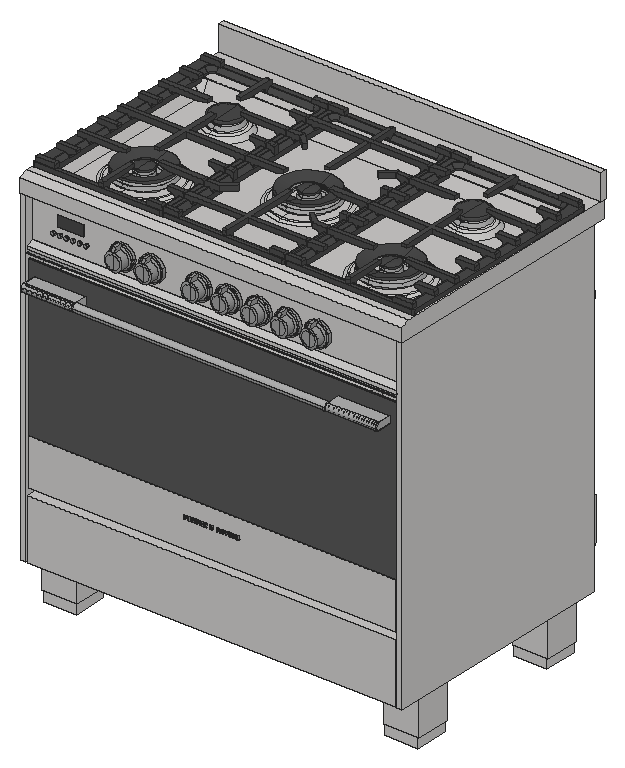
Revit family "FP_Revit_18_OR90SCG1X1_Range_90001025A", category Specialty Equipment, Revit 2018 (continued)
Definition of nested family "F&P Burner Dual Wok"
  Forms (mm)
    Extrusion 3, void
      sketch origin (0, 0, 0) x (1, 0, 0) y (0, 1, 0)
        loop
          arc (12.297, -17.269) -> (0, -21.2) -> (-12.297, -17.269) r 21.2
          line (-12.297, -17.269) -> (-20.415, -31.33)
        loop
          line (31.085, 20.785) -> (18.844, 18.406)
          arc (18.844, 18.406) -> (17.093, 17.364) -> (16.404, 15.447) r 3.015
          line (16.404, 15.447) -> (16.404, 13.429)
          arc (16.404, 13.429) -> (20.975, 3.077) -> (19.571, -8.151) r 21.2
          line (19.571, -8.151) -> (28.703, -23.968)
          arc (28.703, -23.968) -> (37.341, -1.988) -> (31.085, 20.785) r 37.394
      from 19.121 to 23.2
    Revolve 4, solid, material <- "Material - Burners & Trivets", detail levels coarse+medium
      sketch origin (0, 0, 0) x (0, 1, 0) y (0, 0, 1)
        loop
          line (-67.134, 45.199) -> (-67.134, 23.2) -> (-36.35, 23.2) -> (-36.35, 36.951) -> (-67.134, 45.199)
        loop
          line (-21.2, 42.433) -> (-21.2, 23.2) -> (0, 23.2) -> (0, 42.433) -> (-21.2, 42.433)
        axis (0, 45.199) -> (0, 23.2)
      angle from 0 to 360
  Cuts and joins
    Extrusion 3 cuts Revolve 2
    Extrusion 3 cuts Revolve 1
  Dimensions and locks
    aligned and locked: level to plane 2
Definition of nested family "F&P Burner Semi Rapid"
  Parameters (values of type "F&P Burner Semi Rapid")
    URL = "www.fisherpaykel.com"
    Material - Burners & Trivets = none
    Material - Body = none
    Manufacturer = "Fisher & Paykel Appliances"
  Reference planes
    plane 1 "Center (Front/Back)": y = 0
    plane 2: z = 0
    plane 3 "Center (Left/Right)": x = 0
  Forms (mm)
    Revolve 1, solid, material <- "Material - Burners & Trivets", detail levels fine
      sketch origin (0, 0, 0) x (0, 1, 0) y (0, 0, 1)
        loop
          line (0, 18.4) -> (0, 21.9) -> (-34.1, 21.9)
          arc (-34.1, 21.9) -> (-36.575, 20.875) -> (-37.6, 18.4) r 3.5
          line (-37.6, 18.4) -> (0, 18.4)
        axis (0, 21.9) -> (0, 18.4)
      angle from 0 to 360
    Revolve 2, solid, material <- "Material - Body", detail levels fine
      sketch origin (0, 0, 0) x (0, 1, 0) y (0, 0, 1)
        loop
          line (0, 18.4) -> (-31, 18.4) -> (-33.046, 11.4) -> (-35, 11.4) -> (-38, 3) -> (0, 3) -> (0, 18.4)
        axis (0, 18.4) -> (0, 3)
      angle from 0 to 360
    Extrusion 3, solid, material <- "Material - Burners & Trivets", detail levels coarse+medium
      sketch origin (0, 0, 0) x (1, 0, 0) y (0, 1, 0)
        loop
          circle (0, 0) r 38
      from 0 to 22
  Dimensions and locks
    aligned and locked: level to plane 2
Definition of nested family "F&P Dial Range Classic"
  Parameters (values of type "F&P Dial Range Classic")
    URL = "www.fisherpaykel.com"
    Material - Buttons and Dials = none
    Manufacturer = "Fisher & Paykel Appliances"
  Reference planes
    plane 1 "Center (Front/Back)": y = 0
    plane 2: z = 0
    plane 3 "Center (Left/Right)": x = 0
  Forms (mm)
    Revolve 1, solid, material <- "Material - Buttons and Dials", detail levels medium+fine
      sketch origin (0, 0, 0) x (0, 1, 0) y (0, 0, 1)
        loop
          line (0, 0) -> (0, 29) -> (-6.292, 29) -> (-8.369, 26.525) -> (-2, 26.525) -> (-2, 25.14) -> (-7.39, 25.14) -> (-11.758, 20.772) -> (-29.187, 20.772) -> (-30.7, 16.28) -> (-30.7, 0) -> (0, 0)
        axis (0, 0) -> (-30.7, 0)
      angle from 0 to 360
    Extrusion 2, solid, material <- "Material - Buttons and Dials", detail levels fine
      sketch origin (0, 0, 0) x (0, 1, 0) y (0, 0, 1)
        loop
          line (-12.311, 20.772) -> (-12.311, 23.129) -> (-9.811, 25.629) -> (-9.811, 31.1) -> (-25.903, 31.1) -> (-29.187, 20.772) -> (-12.311, 20.772)
      from -3.05 to 3.05
    Revolve 3, solid, material <- "Material - Buttons and Dials", detail levels coarse
      sketch origin (0, 0, 0) x (0, 1, 0) y (0, 0, 1)
        loop
          line (-30.7, 0) -> (0, 0) -> (0, 29) -> (-8.369, 29) -> (-8.369, 20.772) -> (-30.7, 20.772) -> (-30.7, 0)
        axis (0, 0) -> (-30.7, 0)
      angle from 0 to 360
    Revolve 4, solid, material <- "Material - Buttons and Dials", detail levels fine
      sketch origin (0, 0, 0) x (0, 1, 0) y (0, 0, 1)
        loop
          line (-2, 26.525) -> (-7.39, 26.525) -> (-7.39, 25.14) -> (-2, 25.14) -> (-2, 26.525)
        axis (-2, 0) -> (-7.39, 0)
      angle from 0 to 360
  Dimensions and locks
    aligned and locked: level to plane 2
Definition of nested family "F&P Trivet Range Classic 90"
  Parameters (values of type "F&P Trivet Range Classic 90")
    URL = "www.fisherpaykel.com"
    Material - Burners & Trivets = none
    Manufacturer = "Fisher & Paykel Appliances"
  Reference planes
    plane 1 "Center (Front/Back)": y = 0
    plane 2: z = 0
    plane 3 "Center (Left/Right)": x = 0
  Forms (mm)
    Extrusion 1, solid, material <- "Material - Burners & Trivets", detail levels medium+fine
      sketch origin (0, 0, 0) x (1, 0, 0) y (0, 1, 0)
        loop
          arc (-298.9, 251.75) -> (-301.728, 250.578) -> (-302.9, 247.75) r 4
          line (-302.9, 247.75) -> (-302.9, -247.75)
          arc (-302.9, -247.75) -> (-301.728, -250.578) -> (-298.9, -251.75) r 4
          line (-298.9, -251.75) -> (-4.9, -251.75)
          arc (-4.9, -251.75) -> (-2.072, -250.578) -> (-0.9, -247.75) r 4
          line (-0.9, -247.75) -> (-0.9, 247.75)
          arc (-0.9, 247.75) -> (-2.072, 250.578) -> (-4.9, 251.75) r 4
          line (-4.9, 251.75) -> (-298.9, 251.75)
        loop
          arc (-31.7, -241.25) -> (-17.558, -235.392) -> (-11.7, -221.25) r 20
          line (-11.7, -221.25) -> (-11.7, 221.25)
          arc (-11.7, 221.25) -> (-17.558, 235.392) -> (-31.7, 241.25) r 20
          line (-31.7, 241.25) -> (-259.31, 241.25)
          arc (-259.31, 241.25) -> (-273.452, 235.392) -> (-279.31, 221.25) r 20
          line (-279.31, 221.25) -> (-279.31, -221.25)
          arc (-279.31, -221.25) -> (-273.452, -235.392) -> (-259.31, -241.25) r 20
          line (-259.31, -241.25) -> (-31.7, -241.25)
      from 9.493 to 19
    Sweep 2, solid, material <- "Material - Burners & Trivets", detail levels medium+fine
      path in 3D
        loop
          arc (-279.31, 221.25, 19) -> (-273.452, 235.392, 19) -> (-259.31, 241.25, 19) r 20
          line (-259.31, 241.25, 19) -> (-31.7, 241.25, 19)
          arc (-31.7, 241.25, 19) -> (-17.558, 235.392, 19) -> (-11.7, 221.25, 19) r 20
          line (-11.7, 221.25, 19) -> (-11.7, -221.25, 19)
          arc (-11.7, -221.25, 19) -> (-17.558, -235.392, 19) -> (-31.7, -241.25, 19) r 20
          line (-31.7, -241.25, 19) -> (-259.31, -241.25, 19)
          arc (-259.31, -241.25, 19) -> (-273.452, -235.392, 19) -> (-279.31, -221.25, 19) r 20
          line (-279.31, -221.25, 19) -> (-279.31, 221.25, 19)
      profile origin (-279.31, 0, 19) x (-1, 0, 0) y (0, 0, 1)
        loop
          line (0, 0) -> (-10.55, -9.507) -> (-10.55, -19) -> (0, -19) -> (0, 0)
    Extrusion 3, solid, material <- "Material - Burners & Trivets", detail levels medium+fine
      sketch origin (0, 0, 0) x (1, 0, 0) y (0, 0, 1)
        loop
          line (-298.89, 19) -> (-279.31, 19) -> (-268.76, 9.493) -> (-268.76, 13.504)
          arc (-268.76, 13.504) -> (-267.798, 16.453) -> (-265.283, 18.267) r 5
          line (-265.283, 18.267) -> (-252.67, 22.3) -> (-252.67, 27.3)
          arc (-252.67, 27.3) -> (-253.549, 29.421) -> (-255.67, 30.3) r 3
          line (-255.67, 30.3) -> (-295.89, 30.3)
          arc (-295.89, 30.3) -> (-298.011, 29.421) -> (-298.89, 27.3) r 3
          line (-298.89, 27.3) -> (-298.89, 19)
        loop
          line (-0.9, 19) -> (-0.9, 27.3)
          arc (-0.9, 27.3) -> (-1.779, 29.421) -> (-3.9, 30.3) r 3
          line (-3.9, 30.3) -> (-38.33, 30.3) -> (-38.33, 22.298) -> (-25.717, 18.266)
          arc (-25.717, 18.266) -> (-23.202, 16.451) -> (-22.24, 13.503) r 5
          line (-22.24, 13.503) -> (-22.24, 9.507) -> (-11.705, 19) -> (-0.9, 19)
      from 174.48 to 185.18
    Extrusion 4, solid, material <- "Material - Burners & Trivets", detail levels medium+fine
      sketch origin (0, 0, 0) x (1, 0, 0) y (0, 0, 1)
        loop
          line (-252.67, 19) -> (-252.67, 27.3)
          arc (-252.67, 27.3) -> (-253.549, 29.421) -> (-255.67, 30.3) r 3
          line (-255.67, 30.3) -> (-295.89, 30.3)
          arc (-295.89, 30.3) -> (-298.011, 29.421) -> (-298.89, 27.3) r 3
          line (-298.89, 27.3) -> (-298.89, 19) -> (-252.67, 19)
        loop
          line (-0.9, 19) -> (-0.9, 27.3)
          arc (-0.9, 27.3) -> (-1.779, 29.421) -> (-3.9, 30.3) r 3
          line (-3.9, 30.3) -> (-35.33, 30.3)
          arc (-35.33, 30.3) -> (-37.451, 29.421) -> (-38.33, 27.3) r 3
          line (-38.33, 27.3) -> (-38.33, 19) -> (-0.9, 19)
      from 238.25 to 248.23
    Extrusion 5, solid, material <- "Material - Burners & Trivets", detail levels medium+fine
      sketch origin (0, 0, 0) x (1, 0, 0) y (0, 0, 1)
        loop
          line (-298.89, 19) -> (-279.31, 19) -> (-268.76, 9.493) -> (-268.76, 13.3)
          arc (-268.76, 13.3) -> (-267.296, 16.836) -> (-263.76, 18.3) r 5
          line (-263.76, 18.3) -> (-208.4, 18.3) -> (-183.4, 23.8) -> (-183.4, 30.3) -> (-295.89, 30.3)
          arc (-295.89, 30.3) -> (-298.011, 29.421) -> (-298.89, 27.3) r 3
          line (-298.89, 27.3) -> (-298.89, 19)
        loop
          line (-0.9, 19) -> (-0.9, 27.3)
          arc (-0.9, 27.3) -> (-1.779, 29.421) -> (-3.9, 30.3) r 3
          line (-3.9, 30.3) -> (-107.6, 30.3) -> (-107.6, 23.8) -> (-82.6, 18.3) -> (-27.24, 18.3)
          arc (-27.24, 18.3) -> (-23.704, 16.836) -> (-22.24, 13.3) r 5
          line (-22.24, 13.3) -> (-22.24, 9.507) -> (-11.705, 19) -> (-0.9, 19)
      from 114.52 to 125.22
    Extrusion 6, solid, material <- "Material - Burners & Trivets", detail levels medium+fine
      sketch origin (0, 0, 0) x (0, 1, 0) y (0, 0, 1)
        loop
          line (-230.721, 9.512) -> (-230.721, 14)
          arc (-230.721, 14) -> (-229.257, 17.536) -> (-225.721, 19) r 5
          line (-225.721, 19) -> (-179.278, 19) -> (-157.46, 23.8) -> (-157.46, 30.3) -> (-243.58, 30.3)
          arc (-243.58, 30.3) -> (-245.701, 29.421) -> (-246.58, 27.3) r 3
          line (-246.58, 27.3) -> (-246.58, 19) -> (-241.25, 19) -> (-230.721, 9.512)
        loop
          line (-5.82, 18.3) -> (-5.82, 30.3) -> (-82.12, 30.3) -> (-82.12, 23.8) -> (-57.12, 18.3) -> (-5.82, 18.3)
        loop
          line (230.721, 9.514) -> (241.248, 19) -> (246.58, 19) -> (246.58, 27.3)
          arc (246.58, 27.3) -> (245.701, 29.421) -> (243.58, 30.3) r 3
          line (243.58, 30.3) -> (157.46, 30.3) -> (157.46, 23.8) -> (182.46, 18.3) -> (225.721, 18.3)
          arc (225.721, 18.3) -> (229.257, 16.836) -> (230.721, 13.3) r 5
          line (230.721, 13.3) -> (230.721, 9.514)
        loop
          line (5.82, 18.3) -> (57.12, 18.3) -> (82.12, 23.8) -> (82.12, 30.3) -> (5.82, 30.3) -> (5.82, 18.3)
      from -150.604 to -140.396
    Extrusion 7, solid, material <- "Material - Burners & Trivets", detail levels medium+fine
      sketch origin (0, 0, 0) x (1, 0, 0) y (0, 0, 1)
        loop
          line (-298.89, 19) -> (-279.31, 19) -> (-268.76, 9.493) -> (-268.76, 13.3)
          arc (-268.76, 13.3) -> (-267.296, 16.836) -> (-263.76, 18.3) r 5
          line (-263.76, 18.3) -> (-27.24, 18.3)
          arc (-27.24, 18.3) -> (-23.704, 16.836) -> (-22.24, 13.3) r 5
          line (-22.24, 13.3) -> (-22.24, 9.507) -> (-11.705, 19) -> (-0.9, 19) -> (-0.9, 27.3)
          arc (-0.9, 27.3) -> (-1.779, 29.421) -> (-3.9, 30.3) r 3
          line (-3.9, 30.3) -> (-295.89, 30.3)
          arc (-295.89, 30.3) -> (-298.011, 29.421) -> (-298.89, 27.3) r 3
          line (-298.89, 27.3) -> (-298.89, 19)
      from -5.82 to 5.82
    Extrusion 8, solid, material <- "Material - Burners & Trivets", detail levels coarse
      sketch origin (0, 0, 0) x (1, 0, 0) y (0, 1, 0)
        loop
          line (-302.9, 251.75) -> (-302.9, -251.75) -> (-0.9, -251.75) -> (-0.9, 251.75) -> (-302.9, 251.75)
        loop
          line (-268.76, 230.7) -> (-268.76, -230.7) -> (-22.25, -230.7) -> (-22.25, 230.7) -> (-268.76, 230.7)
      from 9.493 to 19
    Extrusion 9, solid, detail levels coarse
      sketch origin (0, 0, 0) x (1, 0, 0) y (0, 1, 0)
        loop
          line (-150.604, 246.58) -> (-150.604, 125.22) -> (-298.89, 125.22) -> (-298.89, 114.52) -> (-150.604, 114.52) -> (-150.604, 5.82) -> (-298.89, 5.82) -> (-298.89, -5.82) -> (-150.604, -5.82) -> (-150.604, -114.52) -> (-298.89, -114.52) -> (-298.89, -125.22) -> (-150.604, -125.22) -> (-150.604, -246.58) -> (-140.396, -246.58) -> (-140.396, -125.22) -> (-0.9, -125.22) -> (-0.9, -114.52) -> (-140.396, -114.52) -> (-140.396, -5.82) -> (-0.9, -5.82) -> (-0.9, 5.82) -> (-140.396, 5.82) -> (-140.396, 114.52) -> (-0.9, 114.52) -> (-0.9, 125.22) -> (-140.396, 125.22) -> (-140.396, 246.58) -> (-150.604, 246.58)
      from 19 to 30.3
    Extrusion 10, solid, material <- "Material - Burners & Trivets", detail levels medium+fine
      sketch origin (0, -239.74, 0) x (1, 0, 0) y (0, 0, -1)
        loop
          line (-298.89, -19) -> (-298.89, -27.3)
          arc (-298.89, -27.3) -> (-298.011, -29.421) -> (-295.89, -30.3) r 3
          line (-295.89, -30.3) -> (-255.67, -30.3)
          arc (-255.67, -30.3) -> (-253.549, -29.421) -> (-252.67, -27.3) r 3
          line (-252.67, -27.3) -> (-252.67, -22.3) -> (-265.283, -18.267)
          arc (-265.283, -18.267) -> (-267.798, -16.453) -> (-268.76, -13.504) r 5
          line (-268.76, -13.504) -> (-268.76, -9.493) -> (-279.31, -19) -> (-298.89, -19)
        loop
          line (-0.9, -19) -> (-11.705, -19) -> (-22.24, -9.507) -> (-22.24, -13.503)
          arc (-22.24, -13.503) -> (-23.202, -16.451) -> (-25.717, -18.266) r 5
          line (-25.717, -18.266) -> (-38.33, -22.298) -> (-38.33, -30.3) -> (-3.9, -30.3)
          arc (-3.9, -30.3) -> (-1.779, -29.421) -> (-0.9, -27.3) r 3
          line (-0.9, -27.3) -> (-0.9, -19)
      from 174.48 to 185.18
    Extrusion 11, solid, material <- "Material - Burners & Trivets", detail levels medium+fine
      sketch origin (0, 239.74, 0) x (1, 0, 0) y (0, 0, 1)
        loop
          line (-298.89, 19) -> (-279.31, 19) -> (-268.76, 9.493) -> (-268.76, 13.504)
          arc (-268.76, 13.504) -> (-267.798, 16.453) -> (-265.283, 18.267) r 5
          line (-265.283, 18.267) -> (-252.67, 22.3) -> (-252.67, 27.3)
          arc (-252.67, 27.3) -> (-253.549, 29.421) -> (-255.67, 30.3) r 3
          line (-255.67, 30.3) -> (-295.89, 30.3)
          arc (-295.89, 30.3) -> (-298.011, 29.421) -> (-298.89, 27.3) r 3
          line (-298.89, 27.3) -> (-298.89, 19)
        loop
          line (-0.9, 19) -> (-0.9, 27.3)
          arc (-0.9, 27.3) -> (-1.779, 29.421) -> (-3.9, 30.3) r 3
          line (-3.9, 30.3) -> (-38.33, 30.3) -> (-38.33, 22.298) -> (-25.717, 18.266)
          arc (-25.717, 18.266) -> (-23.202, 16.451) -> (-22.24, 13.503) r 5
          line (-22.24, 13.503) -> (-22.24, 9.507) -> (-11.705, 19) -> (-0.9, 19)
      from 174.48 to 185.18
    Extrusion 12, solid, material <- "Material - Burners & Trivets", detail levels medium+fine
      sketch origin (0, 0, 0) x (1, 0, 0) y (0, 0, -1)
        loop
          line (-298.89, -19) -> (-298.89, -27.3)
          arc (-298.89, -27.3) -> (-298.011, -29.421) -> (-295.89, -30.3) r 3
          line (-295.89, -30.3) -> (-255.67, -30.3)
          arc (-255.67, -30.3) -> (-253.549, -29.421) -> (-252.67, -27.3) r 3
          line (-252.67, -27.3) -> (-252.67, -22.3) -> (-265.283, -18.267)
          arc (-265.283, -18.267) -> (-267.798, -16.453) -> (-268.76, -13.504) r 5
          line (-268.76, -13.504) -> (-268.76, -9.493) -> (-279.31, -19) -> (-298.89, -19)
        loop
          line (-0.9, -19) -> (-11.705, -19) -> (-22.24, -9.507) -> (-22.24, -13.503)
          arc (-22.24, -13.503) -> (-23.202, -16.451) -> (-25.717, -18.266) r 5
          line (-25.717, -18.266) -> (-38.33, -22.298) -> (-38.33, -30.3) -> (-3.9, -30.3)
          arc (-3.9, -30.3) -> (-1.779, -29.421) -> (-0.9, -27.3) r 3
          line (-0.9, -27.3) -> (-0.9, -19)
      from 174.48 to 185.18
    Extrusion 13, solid, material <- "Material - Burners & Trivets", detail levels medium+fine
      sketch origin (0, 0, 0) x (1, 0, 0) y (0, 0, -1)
        loop
          line (-298.89, -19) -> (-298.89, -27.3)
          arc (-298.89, -27.3) -> (-298.011, -29.421) -> (-295.89, -30.3) r 3
          line (-295.89, -30.3) -> (-183.4, -30.3) -> (-183.4, -23.8) -> (-208.4, -18.3) -> (-263.76, -18.3)
          arc (-263.76, -18.3) -> (-267.296, -16.836) -> (-268.76, -13.3) r 5
          line (-268.76, -13.3) -> (-268.76, -9.493) -> (-279.31, -19) -> (-298.89, -19)
        loop
          line (-0.9, -19) -> (-11.705, -19) -> (-22.24, -9.507) -> (-22.24, -13.3)
          arc (-22.24, -13.3) -> (-23.704, -16.836) -> (-27.24, -18.3) r 5
          line (-27.24, -18.3) -> (-82.6, -18.3) -> (-107.6, -23.8) -> (-107.6, -30.3) -> (-3.9, -30.3)
          arc (-3.9, -30.3) -> (-1.779, -29.421) -> (-0.9, -27.3) r 3
          line (-0.9, -27.3) -> (-0.9, -19)
      from 114.52 to 125.22
    Extrusion 14, solid, material <- "Material - Burners & Trivets", detail levels medium+fine
      sketch origin (0, 0, 0) x (1, 0, 0) y (0, 0, -1)
        loop
          line (-252.67, -19) -> (-298.89, -19) -> (-298.89, -27.3)
          arc (-298.89, -27.3) -> (-298.011, -29.421) -> (-295.89, -30.3) r 3
          line (-295.89, -30.3) -> (-255.67, -30.3)
          arc (-255.67, -30.3) -> (-253.549, -29.421) -> (-252.67, -27.3) r 3
          line (-252.67, -27.3) -> (-252.67, -19)
        loop
          line (-0.9, -19) -> (-38.33, -19) -> (-38.33, -27.3)
          arc (-38.33, -27.3) -> (-37.451, -29.421) -> (-35.33, -30.3) r 3
          line (-35.33, -30.3) -> (-3.9, -30.3)
          arc (-3.9, -30.3) -> (-1.779, -29.421) -> (-0.9, -27.3) r 3
          line (-0.9, -27.3) -> (-0.9, -19)
      from 238.25 to 248.23
  Cuts and joins
    joined: Extrusion 6, Extrusion 7
  Lines and regions (mm)
    sketch lines
      curve 1: line (-279.31, -221.25, 19) -> (-279.31, 221.25, 19)
      curve 2: arc (-279.31, -221.25, 19) -> (-273.452, -235.392, 19) -> (-259.31, -241.25, 19) r 20
      curve 3: line (-31.7, -241.25, 19) -> (-259.31, -241.25, 19)
      curve 4: line (-11.7, 221.25, 19) -> (-11.7, -221.25, 19)
      curve 5: arc (-31.7, -241.25, 19) -> (-17.558, -235.392, 19) -> (-11.7, -221.25, 19) r 20
      curve 6: arc (-11.7, 221.25, 19) -> (-17.558, 235.392, 19) -> (-31.7, 241.25, 19) r 20
      curve 7: line (-259.31, 241.25, 19) -> (-31.7, 241.25, 19)
      curve 8: arc (-259.31, 241.25, 19) -> (-273.452, 235.392, 19) -> (-279.31, 221.25, 19) r 20
  Dimensions and locks
    aligned and locked: level to plane 2
Definition of nested family "F&P Trivet Range Classic Centre 90"
  Parameters (values of type "F&P Trivet Range Classic Centre 90")
    URL = "www.fisherpaykel.com"
    Material - Burners & Trivets = none
    Manufacturer = "Fisher & Paykel Appliances"
  Reference planes
    plane 1 "Center (Front/Back)": y = 0
    plane 2: z = 0
    plane 3 "Center (Left/Right)": x = 0
  Forms (mm)
    Extrusion 1, solid, material <- "Material - Burners & Trivets", detail levels medium+fine
      sketch origin (0, 0, 0) x (1, 0, 0) y (0, 1, 0)
        loop
          arc (-139, 251.75) -> (-141.828, 250.578) -> (-143, 247.75) r 4
          line (-143, 247.75) -> (-143, -247.75)
          arc (-143, -247.75) -> (-141.828, -250.578) -> (-139, -251.75) r 4
          line (-139, -251.75) -> (139, -251.75)
          arc (139, -251.75) -> (141.828, -250.578) -> (143, -247.75) r 4
          line (143, -247.75) -> (143, 247.75)
          arc (143, 247.75) -> (141.828, 250.578) -> (139, 251.75) r 4
          line (139, 251.75) -> (-139, 251.75)
        loop
          arc (115.32, -241.25) -> (129.462, -235.392) -> (135.32, -221.25) r 20
          line (135.32, -221.25) -> (135.32, 221.25)
          arc (135.32, 221.25) -> (129.462, 235.392) -> (115.32, 241.25) r 20
          line (115.32, 241.25) -> (-115.23, 241.25)
          arc (-115.23, 241.25) -> (-129.372, 235.392) -> (-135.23, 221.25) r 20
          line (-135.23, 221.25) -> (-135.23, -221.25)
          arc (-135.23, -221.25) -> (-129.372, -235.392) -> (-115.23, -241.25) r 20
          line (-115.23, -241.25) -> (115.32, -241.25)
      from 9.493 to 19
    Sweep 2, solid, material <- "Material - Burners & Trivets", detail levels medium+fine
      path in 3D
        loop
          arc (-135.23, 221.25, 19) -> (-129.372, 235.392, 19) -> (-115.23, 241.25, 19) r 20
          line (-115.23, 241.25, 19) -> (115.32, 241.25, 19)
          arc (115.32, 241.25, 19) -> (129.462, 235.392, 19) -> (135.32, 221.25, 19) r 20
          line (135.32, 221.25, 19) -> (135.32, -221.25, 19)
          arc (135.32, -221.25, 19) -> (129.462, -235.392, 19) -> (115.32, -241.25, 19) r 20
          line (115.32, -241.25, 19) -> (-115.23, -241.25, 19)
          arc (-115.23, -241.25, 19) -> (-129.372, -235.392, 19) -> (-135.23, -221.25, 19) r 20
          line (-135.23, -221.25, 19) -> (-135.23, 221.25, 19)
      profile origin (-135.23, 0, 19) x (-1, 0, 0) y (0, 0, 1)
        loop
          line (0, 0) -> (-10.55, -9.507) -> (-10.55, -19) -> (0, -19) -> (0, 0)
    Extrusion 3, solid, material <- "Material - Burners & Trivets", detail levels medium+fine
      sketch origin (0, 0, 0) x (1, 0, 0) y (0, 0, 1)
        loop
          line (-143, 19) -> (-135.23, 19) -> (-124.671, 9.484) -> (-124.671, 27.3)
          arc (-124.671, 27.3) -> (-125.549, 29.421) -> (-127.671, 30.3) r 3
          line (-127.671, 30.3) -> (-140, 30.3)
          arc (-140, 30.3) -> (-142.121, 29.421) -> (-143, 27.3) r 3
          line (-143, 27.3) -> (-143, 19)
        loop
          line (143, 19) -> (143, 27.3)
          arc (143, 27.3) -> (142.121, 29.421) -> (140, 30.3) r 3
          line (140, 30.3) -> (127.77, 30.3)
          arc (127.77, 30.3) -> (125.649, 29.421) -> (124.77, 27.3) r 3
          line (124.77, 27.3) -> (124.77, 9.493) -> (135.32, 19) -> (143, 19)
      from 54.96 to 65.66
    Extrusion 4, solid, material <- "Material - Burners & Trivets", detail levels medium+fine
      sketch origin (0, 0, 0) x (1, 0, 0) y (0, 0, 1)
        loop
          line (-106.97, 19) -> (-106.97, 27.3)
          arc (-106.97, 27.3) -> (-107.849, 29.421) -> (-109.97, 30.3) r 3
          line (-109.97, 30.3) -> (-140, 30.3)
          arc (-140, 30.3) -> (-142.121, 29.421) -> (-143, 27.3) r 3
          line (-143, 27.3) -> (-143, 19) -> (-106.97, 19)
        loop
          line (143, 19) -> (143, 27.3)
          arc (143, 27.3) -> (142.121, 29.421) -> (140, 30.3) r 3
          line (140, 30.3) -> (109.97, 30.3)
          arc (109.97, 30.3) -> (107.849, 29.421) -> (106.97, 27.3) r 3
          line (106.97, 27.3) -> (106.97, 19) -> (143, 19)
      from 238.25 to 248.23
    Extrusion 5, solid, material <- "Material - Burners & Trivets", detail levels medium+fine
      sketch origin (0, 0, 0) x (1, 0, 0) y (0, 0, 1)
        loop
          line (-143, 19) -> (-135.23, 19) -> (-124.671, 9.484) -> (-124.671, 14)
          arc (-124.671, 14) -> (-123.206, 17.536) -> (-119.671, 19) r 5
          line (-119.671, 19) -> (-73.203, 19) -> (-54.5, 24.611) -> (-54.5, 30.3) -> (-140, 30.3)
          arc (-140, 30.3) -> (-142.121, 29.421) -> (-143, 27.3) r 3
          line (-143, 27.3) -> (-143, 19)
        loop
          line (143, 19) -> (143, 27.3)
          arc (143, 27.3) -> (142.121, 29.421) -> (140, 30.3) r 3
          line (140, 30.3) -> (54.5, 30.3) -> (54.5, 24.201) -> (71.837, 19) -> (119.77, 19)
          arc (119.77, 19) -> (123.306, 17.536) -> (124.77, 14) r 5
          line (124.77, 14) -> (124.77, 9.493) -> (135.32, 19) -> (143, 19)
      from -5.82 to 5.82
    Extrusion 6, solid, material <- "Material - Burners & Trivets", detail levels medium+fine
      sketch origin (0, 0, 0) x (0, 1, 0) y (0, 0, 1)
        loop
          line (-230.721, 9.512) -> (-230.721, 14)
          arc (-230.721, 14) -> (-229.257, 17.536) -> (-225.721, 19) r 5
          line (-225.721, 19) -> (-185.18, 19) -> (-185.18, 30.288) -> (-243.58, 30.288)
          arc (-243.58, 30.288) -> (-245.701, 29.409) -> (-246.58, 27.288) r 3
          line (-246.58, 27.288) -> (-246.58, 19) -> (-241.25, 19) -> (-230.721, 9.512)
        loop
          line (-54.96, 24.638) -> (-54.96, 30.288) -> (-174.48, 30.288) -> (-174.48, 19) -> (-73.63, 19) -> (-54.96, 24.638)
        loop
          line (230.721, 9.514) -> (241.248, 19) -> (246.58, 19) -> (246.58, 27.288)
          arc (246.58, 27.288) -> (245.701, 29.409) -> (243.58, 30.288) r 3
          line (243.58, 30.288) -> (185.18, 30.288) -> (185.18, 19) -> (225.721, 19)
          arc (225.721, 19) -> (229.257, 17.536) -> (230.721, 14) r 5
          line (230.721, 14) -> (230.721, 9.514)
        loop
          line (54.96, 30.288) -> (54.96, 24.638) -> (73.63, 19) -> (174.48, 19) -> (174.48, 30.288) -> (54.96, 30.288)
      from -5.104 to 5.104
    Extrusion 7, solid, material <- "Material - Burners & Trivets", detail levels medium+fine
      sketch origin (0, 0, 0) x (1, 0, 0) y (0, 0, 1)
        loop
          line (-143, 19) -> (-135.23, 19) -> (-124.671, 9.484) -> (-124.671, 14)
          arc (-124.671, 14) -> (-123.206, 17.536) -> (-119.671, 19) r 5
          line (-119.671, 19) -> (-112.17, 19) -> (-112.17, 30.3) -> (-140, 30.3)
          arc (-140, 30.3) -> (-142.121, 29.421) -> (-143, 27.3) r 3
          line (-143, 27.3) -> (-143, 19)
        loop
          line (140, 30.3) -> (112.17, 30.3) -> (112.17, 19) -> (119.77, 19)
          arc (119.77, 19) -> (123.306, 17.536) -> (124.77, 14) r 5
          line (124.77, 14) -> (124.77, 9.493) -> (135.32, 19) -> (143, 19) -> (143, 27.3)
          arc (143, 27.3) -> (142.121, 29.421) -> (140, 30.3) r 3
      from 114.52 to 125.22
    Extrusion 8, solid, material <- "Material - Burners & Trivets", detail levels coarse
      sketch origin (0, 0, 0) x (1, 0, 0) y (0, 1, 0)
        loop
          line (-143, 251.75) -> (-143, -251.75) -> (143, -251.75) -> (143, 251.75) -> (-143, 251.75)
        loop
          line (-124.671, 230.7) -> (-124.671, -230.7) -> (124.77, -230.7) -> (124.77, 230.7) -> (-124.671, 230.7)
      from 9.493 to 19
    Extrusion 9, solid, material <- "Material - Burners & Trivets", detail levels medium+fine
      sketch origin (0, 0, 0) x (1, 0, 0) y (0, 0, 1)
        loop
          line (-143, 19) -> (-135.23, 19) -> (-124.671, 9.484) -> (-124.671, 14)
          arc (-124.671, 14) -> (-123.206, 17.536) -> (-119.671, 19) r 5
          line (-119.671, 19) -> (119.77, 19)
          arc (119.77, 19) -> (123.306, 17.536) -> (124.77, 14) r 5
          line (124.77, 14) -> (124.77, 9.493) -> (135.32, 19) -> (143, 19) -> (143, 27.3)
          arc (143, 27.3) -> (142.121, 29.421) -> (140, 30.3) r 3
          line (140, 30.3) -> (-140, 30.3)
          arc (-140, 30.3) -> (-142.121, 29.421) -> (-143, 27.3) r 3
          line (-143, 27.3) -> (-143, 19)
      from 174.48 to 185.18
    Extrusion 10, solid, material <- "Material - Burners & Trivets", detail levels medium+fine
      sketch origin (0, 0, 0) x (1, 0, 0) y (0, 1, 0)
        loop
          line (-112.17, -114.52) -> (-112.17, -125.22) -> (-108.846, -125.22) -> (-83.515, -99.889) -> (-88.797, -94.607) -> (-112.17, -114.52)
        loop
          line (112.17, -114.52) -> (88.797, -94.607) -> (83.515, -99.889) -> (108.846, -125.22) -> (112.17, -125.22) -> (112.17, -114.52)
      from 19 to 30.3
    Extrusion 11, solid, material <- "Material - Burners & Trivets", detail levels medium+fine
      sketch origin (0, 0, 0) x (1, 0, 0) y (0, 0, -1)
        loop
          line (-143, -19) -> (-143, -27.3)
          arc (-143, -27.3) -> (-142.121, -29.421) -> (-140, -30.3) r 3
          line (-140, -30.3) -> (-127.671, -30.3)
          arc (-127.671, -30.3) -> (-125.549, -29.421) -> (-124.671, -27.3) r 3
          line (-124.671, -27.3) -> (-124.671, -9.484) -> (-135.23, -19) -> (-143, -19)
        loop
          line (143, -19) -> (135.32, -19) -> (124.77, -9.493) -> (124.77, -27.3)
          arc (124.77, -27.3) -> (125.649, -29.421) -> (127.77, -30.3) r 3
          line (127.77, -30.3) -> (140, -30.3)
          arc (140, -30.3) -> (142.121, -29.421) -> (143, -27.3) r 3
          line (143, -27.3) -> (143, -19)
      from 54.96 to 65.66
    Extrusion 12, solid, material <- "Material - Burners & Trivets", detail levels medium+fine
      sketch origin (0, 0, 0) x (1, 0, 0) y (0, 0, -1)
        loop
          line (-106.97, -19) -> (-143, -19) -> (-143, -27.3)
          arc (-143, -27.3) -> (-142.121, -29.421) -> (-140, -30.3) r 3
          line (-140, -30.3) -> (-109.97, -30.3)
          arc (-109.97, -30.3) -> (-107.849, -29.421) -> (-106.97, -27.3) r 3
          line (-106.97, -27.3) -> (-106.97, -19)
        loop
          line (143, -19) -> (106.97, -19) -> (106.97, -27.3)
          arc (106.97, -27.3) -> (107.849, -29.421) -> (109.97, -30.3) r 3
          line (109.97, -30.3) -> (140, -30.3)
          arc (140, -30.3) -> (142.121, -29.421) -> (143, -27.3) r 3
          line (143, -27.3) -> (143, -19)
      from 238.25 to 248.23
    Extrusion 13, solid, material <- "Material - Burners & Trivets", detail levels medium+fine
      sketch origin (0, 0, 0) x (1, 0, 0) y (0, 0, -1)
        loop
          line (-143, -19) -> (-143, -27.3)
          arc (-143, -27.3) -> (-142.121, -29.421) -> (-140, -30.3) r 3
          line (-140, -30.3) -> (-112.17, -30.3) -> (-112.17, -19) -> (-119.671, -19)
          arc (-119.671, -19) -> (-123.206, -17.536) -> (-124.671, -14) r 5
          line (-124.671, -14) -> (-124.671, -9.484) -> (-135.23, -19) -> (-143, -19)
        loop
          arc (140, -30.3) -> (142.121, -29.421) -> (143, -27.3) r 3
          line (143, -27.3) -> (143, -19) -> (135.32, -19) -> (124.77, -9.493) -> (124.77, -14)
          arc (124.77, -14) -> (123.306, -17.536) -> (119.77, -19) r 5
          line (119.77, -19) -> (112.17, -19) -> (112.17, -30.3) -> (140, -30.3)
      from 114.52 to 125.22
    Extrusion 14, solid, material <- "Material - Burners & Trivets", detail levels medium+fine
      sketch origin (0, 0, 0) x (1, 0, 0) y (0, 0, -1)
        loop
          line (-143, -19) -> (-143, -27.3)
          arc (-143, -27.3) -> (-142.121, -29.421) -> (-140, -30.3) r 3
          line (-140, -30.3) -> (140, -30.3)
          arc (140, -30.3) -> (142.121, -29.421) -> (143, -27.3) r 3
          line (143, -27.3) -> (143, -19) -> (135.32, -19) -> (124.77, -9.493) -> (124.77, -14)
          arc (124.77, -14) -> (123.306, -17.536) -> (119.77, -19) r 5
          line (119.77, -19) -> (-119.671, -19)
          arc (-119.671, -19) -> (-123.206, -17.536) -> (-124.671, -14) r 5
          line (-124.671, -14) -> (-124.671, -9.484) -> (-135.23, -19) -> (-143, -19)
      from 174.48 to 185.18
    Extrusion 15, solid, material <- "Material - Burners & Trivets", detail levels medium+fine
      sketch origin (0, 0, 0) x (1, 0, 0) y (0, 1, 0)
        loop
          line (-112.17, 114.52) -> (-88.797, 94.607) -> (-83.515, 99.889) -> (-108.846, 125.22) -> (-112.17, 125.22) -> (-112.17, 114.52)
        loop
          line (112.17, 114.52) -> (112.17, 125.22) -> (108.846, 125.22) -> (83.515, 99.889) -> (88.797, 94.607) -> (112.17, 114.52)
      from 19 to 30.3
    Extrusion 16, solid, material <- "Material - Burners & Trivets", detail levels coarse
      sketch origin (0, 0, 0) x (1, 0, 0) y (0, 1, 0)
        loop
          line (-5.104, 246.58) -> (-5.104, 185.18) -> (-143, 185.18) -> (-143, 174.48) -> (-5.104, 174.48) -> (-5.104, 5.82) -> (-143, 5.82) -> (-143, -5.82) -> (-5.104, -5.82) -> (-5.104, -174.48) -> (-143, -174.48) -> (-143, -185.18) -> (-5.104, -185.18) -> (-5.104, -246.58) -> (5.104, -246.58) -> (5.104, -185.18) -> (143, -185.18) -> (143, -174.48) -> (5.104, -174.48) -> (5.104, -5.82) -> (143, -5.82) -> (143, 5.82) -> (5.104, 5.82) -> (5.104, 174.48) -> (143, 174.48) -> (143, 185.18) -> (5.104, 185.18) -> (5.104, 246.58) -> (-5.104, 246.58)
      from 18.3 to 30.3
  Cuts and joins
    joined: Extrusion 6, Extrusion 7, Extrusion 9, Extrusion 10
  Lines and regions (mm)
    sketch lines
      curve 1: line (-135.23, -221.25, 19) -> (-135.23, 221.25, 19)
      curve 2: arc (-135.23, -221.25, 19) -> (-129.372, -235.392, 19) -> (-115.23, -241.25, 19) r 20
      curve 3: line (115.32, -241.25, 19) -> (-115.23, -241.25, 19)
      curve 4: line (135.32, 221.25, 19) -> (135.32, -221.25, 19)
      curve 5: arc (115.32, -241.25, 19) -> (129.462, -235.392, 19) -> (135.32, -221.25, 19) r 20
      curve 6: arc (135.32, 221.25, 19) -> (129.462, 235.392, 19) -> (115.32, 241.25, 19) r 20
      curve 7: line (-115.23, 241.25, 19) -> (115.32, 241.25, 19)
      curve 8: arc (-115.23, 241.25, 19) -> (-129.372, 235.392, 19) -> (-135.23, 221.25, 19) r 20
  Dimensions and locks
    aligned and locked: level to plane 2
Definition of nested family "F&P Handle Contemporary Round - Horizontal"
  Parameters (values of type "F&P Handle Contemporary Round - Horizontal")
    URL = "www.fisherpaykel.com"
    Product - Width = 834 mm
    Material - Handle = none
    Manufacturer = "Fisher & Paykel Appliances"
  Reference planes
    plane 1 "Center (Front/Back)": y = 0
    plane 2: z = 0
    plane 3 "Center (Left/Right)": x = 0
    plane 4 "Product LHS": x = -417
    plane 5 "Product RHS": x = 417
    plane 6 "LHS Standoff": x = -296.995
    plane 7 "RHS Standoff": x = 297.005
  Forms (mm)
    Extrusion 1, solid, material <- "Material - Handle", detail levels medium+fine
      sketch origin (0, 0, 0) x (0, 1, 0) y (0, 0, 1)
        loop
          circle (-32.3, 0) r 8.7
      from -296.995 to 297.005
    Extrusion 2, solid, material <- "Material - Handle", detail levels fine
      sketch origin (0, 0, 0) x (0, 1, 0) y (0, 0, 1)
        loop
          line (0, 8.7) -> (-32.3, 8.7)
          arc (-32.3, 8.7) -> (-41, 0) -> (-32.3, -8.7) r 8.7
          line (-32.3, -8.7) -> (0, -8.7) -> (0, 8.7)
      from 297.005 to 417
    Extrusion 3, solid, material <- "Material - Handle", detail levels fine
      sketch origin (0, 0, 0) x (0, 1, 0) y (0, 0, -1)
        loop
          line (0, -8.7) -> (0, 8.7) -> (-32.3, 8.7)
          arc (-32.3, 8.7) -> (-41, 0) -> (-32.3, -8.7) r 8.7
          line (-32.3, -8.7) -> (0, -8.7)
      from 296.995 to 417
    Sweep 4, void
      path in 3D
        loop
          line (417, 0, 8.7) -> (417, -32.3, 8.7)
          arc (417, -32.3, 8.7) -> (417, -41, 0) -> (417, -32.3, -8.7) r 8.7
          line (417, -32.3, -8.7) -> (417, 0, -8.7)
      profile origin (417, -16.15, 8.7) x (1, 0, 0) y (0, 0, 1)
        loop
          line (0, 0) -> (-1, 0) -> (0, -1) -> (0, 0)
    Sweep 5, void
      path in 3D
        loop
          line (-417, 0, -8.7) -> (-417, -32.3, -8.7)
          arc (-417, -32.3, -8.7) -> (-417, -41, 0) -> (-417, -32.3, 8.7) r 8.7
          line (-417, -32.3, 8.7) -> (-417, 0, 8.7)
      profile origin (-417, -16.15, 8.7) x (-1, 0, 0) y (0, 0, 1)
        loop
          line (0, 0) -> (-1, 0) -> (0, -1) -> (0, 0)
    Extrusion 6, solid, material <- "Material - Handle", detail levels medium+fine
      sketch origin (0, 0, 0) x (0, 1, 0) y (0, 0, 1)
        loop
          line (0, 8.7) -> (-32.3, 8.7)
          arc (-32.3, 8.7) -> (-41, 0) -> (-32.3, -8.7) r 8.7
          line (-32.3, -8.7) -> (0, -8.7) -> (0, 8.7)
      from 297.005 to 417
    Extrusion 7, solid, material <- "Material - Handle", detail levels medium+fine
      sketch origin (0, 0, 0) x (0, 1, 0) y (0, 0, -1)
        loop
          line (0, -8.7) -> (0, 8.7) -> (-32.3, 8.7)
          arc (-32.3, 8.7) -> (-41, 0) -> (-32.3, -8.7) r 8.7
          line (-32.3, -8.7) -> (0, -8.7)
      from 296.995 to 417
    Extrusion 8, solid, material <- "Material - Handle", detail levels coarse
      sketch origin (0, 0, 0) x (0, 1, 0) y (0, 0, 1)
        loop
          arc (-32.3, 8.7) -> (-41, 0) -> (-32.3, -8.7) r 8.7
          line (-32.3, -8.7) -> (0, -8.7) -> (0, 8.7) -> (-32.3, 8.7)
      from -417 to 417
  Cuts and joins
    Sweep 4 cuts Extrusion 2
    Sweep 5 cuts Extrusion 3
  Lines and regions (mm)
    sketch lines
      curve 1: line (417, 0, 8.7) -> (417, -32.3, 8.7)
      curve 2: arc (417, -32.3, -8.7) -> (417, -41, 0) -> (417, -32.3, 8.7) r 8.7
      curve 3: line (417, -32.3, -8.7) -> (417, 0, -8.7)
      curve 4: line (-417, -32.3, 8.7) -> (-417, 0, 8.7)
      curve 5: arc (-417, -32.3, 8.7) -> (-417, -41, 0) -> (-417, -32.3, -8.7) r 8.7
      curve 6: line (-417, 0, -8.7) -> (-417, -32.3, -8.7)
  Dimensions and locks
    equal spacing: plane 4 "Product LHS", plane 3 "Center (Left/Right)", plane 5 "Product RHS"
    "Product - Width": plane 4 "Product LHS" to plane 5 "Product RHS"
    locked: plane 4 "Product LHS" to plane 6 "LHS Standoff" at 120.005
    locked: plane 7 "RHS Standoff" to plane 5 "Product RHS" at 119.995
    equal spacing: Extrusion 2 sketch curve, level, Extrusion 2 sketch curve
    Extrusion 3 sketch curve to Extrusion 3 sketch curve = 17.4 mm
    Extrusion 6 sketch curve to Extrusion 6 sketch curve = 17.4 mm
    Extrusion 7 sketch curve to Extrusion 7 sketch curve = 17.4 mm
    aligned and locked: level to plane 2
    aligned and locked: plane 7 "RHS Standoff" to Extrusion 1
    aligned and locked: Extrusion 2 to Extrusion 1
    aligned and locked: Extrusion 2 to plane 5 "Product RHS"
    aligned and locked: plane 4 "Product LHS" to Extrusion 3
    aligned and locked: plane 6 "LHS Standoff" to Extrusion 3
    aligned and locked: Extrusion 1 to plane 6 "LHS Standoff"
    aligned and locked: Extrusion 6 to Extrusion 1
    aligned and locked: Extrusion 6 to plane 5 "Product RHS"
    aligned and locked: plane 4 "Product LHS" to Extrusion 7
    aligned and locked: Extrusion 7 to Extrusion 1
    aligned and locked: Extrusion 8 to plane 5 "Product RHS"
    aligned and locked: plane 4 "Product LHS" to Extrusion 8
  Automatic sketch dimensions
    Extrusion 1 sketch curve to level = 0 mm
    plane 1 "Center (Front/Back)" to Extrusion 1 sketch curve = 32.3 mm
    Extrusion 2 sketch curve to plane 1 "Center (Front/Back)" = 0 mm
    Extrusion 2 sketch curve to level = 8.7 mm
    plane 1 "Center (Front/Back)" to Extrusion 2 sketch curve = 32.3 mm
    Extrusion 3 sketch curve to level = 0 mm
    Extrusion 3 sketch curve to plane 1 "Center (Front/Back)" = 0 mm
    Extrusion 3 sketch curve to level = 8.7 mm
    plane 1 "Center (Front/Back)" to Extrusion 3 sketch curve = 32.3 mm
    Sweep 4 sketch curve to profile plane = 0 mm
    profile plane to Sweep 4 sketch curve = 0 mm
    profile plane to Sweep 4 sketch curve = 1 mm
    Sweep 4 sketch curve to profile plane = 1 mm
    Sweep 5 sketch curve to profile plane = 0 mm  (x2)
    profile plane to Sweep 5 sketch curve = 1 mm
    Sweep 5 sketch curve to profile plane = 1 mm
    Extrusion 6 sketch curve to level = 0 mm
    level to Extrusion 6 sketch curve = 8.7 mm
    plane 1 "Center (Front/Back)" to Extrusion 6 sketch curve = 32.3 mm
    Extrusion 6 sketch curve to Extrusion 6 sketch curve = 32.3 mm
    Extrusion 7 sketch curve to level = 0 mm
    level to Extrusion 7 sketch curve = 8.7 mm
    plane 1 "Center (Front/Back)" to Extrusion 7 sketch curve = 32.3 mm
    Extrusion 7 sketch curve to Extrusion 7 sketch curve = 32.3 mm
    Extrusion 8 sketch curve to level = 0 mm
    Extrusion 8 sketch curve to plane 1 "Center (Front/Back)" = 0 mm
    plane 1 "Center (Front/Back)" to Extrusion 8 sketch curve = 32.3 mm
    level to Extrusion 8 sketch curve = 8.7 mm
    radius of Extrusion 1 sketch curve = 8.7 mm
Definition of nested family "F&P Anti Tip OR90"
  Parameters (values of type "F&P Anti Tip OR90")
    URL = "www.fisherpaykel.com"
    Material - Rollers and Feet = none
    Manufacturer = "Fisher & Paykel Appliances"
    Connector Description - Water = ""
    Connector Description - Electrical = ""
  Reference planes
    plane 1 "Center (Front/Back)": y = 0
    plane 2: z = 0
    plane 3 "Center (Left/Right)": x = 0
  Forms (mm)
    Extrusion 1, solid, material <- "Material - Rollers and Feet"
      sketch origin (0, 0, 0) x (0, 1, 0) y (0, 0, 1)
        loop
          line (639.5, 280.626) -> (630.5, 280.626) -> (630.5, 188.5)
          arc (630.5, 188.5) -> (629.036, 184.965) -> (625.5, 183.5) r 5
          line (625.5, 183.5) -> (464.549, 183.5) -> (464.549, 174.5) -> (632.5, 174.5)
          arc (632.5, 174.5) -> (637.45, 176.55) -> (639.5, 181.5) r 7
          line (639.5, 181.5) -> (639.5, 280.626)
      from 430 to 400
    Extrusion 2, void
      sketch origin (0, 0, 0) x (1, 0, 0) y (0, 0, 1)
        loop
          circle (415, 255.626) r 4
        loop
          circle (415, 205.626) r 4
      from -639.5 to -630.5
  Cuts and joins
    Extrusion 2 cuts Extrusion 1
  Dimensions and locks
    aligned and locked: level to plane 2
    aligned and locked: Extrusion 1 to Extrusion 2
